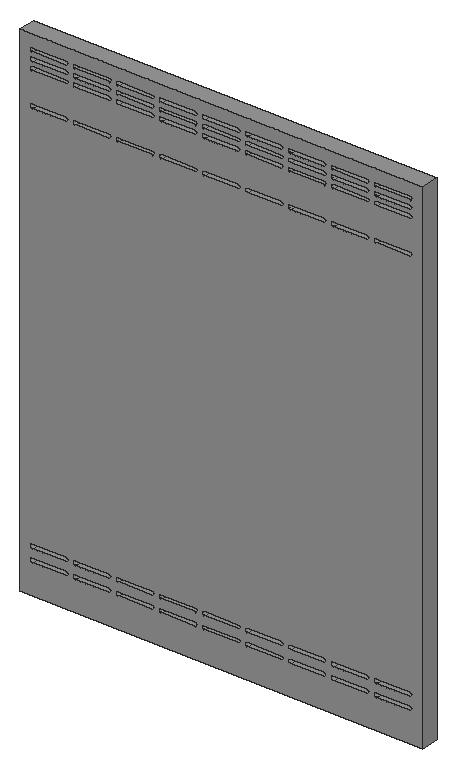
Revit family "Cabinet_Accessories-Danver-Back_Panel", category Casework, Revit 2026
Family settings
  Work Plane-Based = No
  Always vertical = Yes
  Cut with Voids When Loaded = No
  Shared = No
  Room Calculation Point = No
Parameters (values of type "Not A Type - Load Type Catalog")
  Version = "2019 - V1.0B"  # constant formula
  Vent Hole Quantity [instance] = (Vent Area Length / 0' 2 1/2")  # 9
  Vent Group A = if(Constraints = 1, 0' 4", 0' 0")  # 0' - 0"
  Vent Group B = if(Constraints < 3, 0' 4", 0' 0")  # 0' - 0"
  Vent Area Length [instance] = Panel Width - 0' 1 1/2"  # 1' - 10 1/2"
  URL = "www.danver.com"
  Support Phone = "(224) 699-9545"  # constant formula
  Support Email = "mailto:support@bimsmith.com"
  Product Page URL = "https://danver.com/cabinetry/specialty-cabinets/"
  Product Documentation Link = "https://danver.com/wp-content/uploads/2021/10/11-2021-Product_Specifications-1.pdf"
  Model = "Not a Type - Load Type Catalog"
  Manufacturer Email = "https://danver.com/contact-us/"
  Manufacturer Address = "One Grand Street, Wallingford, CT 06492"  # constant formula
  Manufacturer = "Danver Outdoor Kitchens"  # constant formula
  Keynote = "12 35 28"
  Door Material [instance] = Metal - Danver - Galvanized Steel
  Panel Width [instance] = 2' - 0"
  Panel Thickness = 0' - 1"
  Panel Height = 2' - 6"
  Description = "Not a Type - Load Type Catalog"
  Default Elevation = 0' - 0"
  Copyright = "©2021 Danver Outdoor Kitchens"  # constant formula
  Constraints = 3
Reference planes (in)
  plane 1 "Center (Front/Back)": y = 0
  plane 2: z = 0
  plane 3 "Center (Left/Right)": x = 0
  plane 4: x = 12
  plane 5: x = -12
  plane 6: y = -1
  plane 7: z = 4.5
  plane 8: z = 34.5
  plane 9: x = -11.375
  plane 10: x = -9.125
  plane 11: x = -9.25
  plane 12: x = -11.25
  plane 13: x = -9.2623
  plane 14: x = -7.0123
  plane 15: x = -7.1373
  plane 16: x = -9.1373
  plane 17: z = 33.75
  plane 18: x = -11.25
  plane 19: x = 11.25
  plane 20: x = 9.125
  plane 21: x = 11.375
  plane 22: x = 11.25
  plane 23: x = 9.25
  plane 24: x = -8.8125
  plane 25: x = -6.5625
  plane 26: x = -6.6875
  plane 27: x = -8.6875
  plane 28: x = -6.25
  plane 29: x = -4
  plane 30: x = -4.125
  plane 31: x = -6.125
  plane 32: x = -3.6875
  plane 33: x = -1.4375
  plane 34: x = -1.5625
  plane 35: x = -3.5625
  plane 36: x = -11.375
  plane 37: x = -9.125
  plane 38: x = -9.25
  plane 39: x = -11.25
  plane 40: x = 9.125
  plane 41: x = 11.375
  plane 42: x = 11.25
  plane 43: x = 9.25
  plane 44: x = -8.8125
  plane 45: x = -6.5625
  plane 46: x = -6.6875
  plane 47: x = -8.6875
  plane 48: x = -6.25
  plane 49: x = -4
  plane 50: x = -4.125
  plane 51: x = -6.125
  plane 52: x = -3.6875
  plane 53: x = -1.4375
  plane 54: x = -1.5625
  plane 55: x = -3.5625
  plane 56: x = -11.375
  plane 57: x = -9.125
  plane 58: x = -9.25
  plane 59: x = -11.25
  plane 60: x = 9.125
  plane 61: x = 11.375
  plane 62: x = 11.25
  plane 63: x = 9.25
  plane 64: x = -8.8125
  plane 65: x = -6.5625
  plane 66: x = -6.6875
  plane 67: x = -8.6875
  plane 68: x = -6.25
  plane 69: x = -4
  plane 70: x = -4.125
  plane 71: x = -6.125
  plane 72: x = -3.6875
  plane 73: x = -1.4375
  plane 74: x = -1.5625
  plane 75: x = -3.5625
  plane 76: z = 6.25
  plane 77: z = 7
  plane 78: x = -1.125
  plane 79: x = 1.125
  plane 80: x = 1
  plane 81: x = -1
  plane 82: x = 1.4375
  plane 83: x = 3.6875
  plane 84: x = 3.5625
  plane 85: x = 1.5625
  plane 86: x = 4
  plane 87: x = 6.25
  plane 88: x = 6.125
  plane 89: x = 4.125
  plane 90: x = -1.125
  plane 91: x = 1.125
  plane 92: x = 1
  plane 93: x = -1
  plane 94: x = 1.4375
  plane 95: x = 3.6875
  plane 96: x = 3.5625
  plane 97: x = 1.5625
  plane 98: x = 4
  plane 99: x = 6.25
  plane 100: x = 6.125
  plane 101: x = 4.125
  plane 102: x = -1.125
  plane 103: x = 1.125
  plane 104: x = 1
  plane 105: x = -1
  plane 106: x = 1.4375
  plane 107: x = 3.6875
  plane 108: x = 3.5625
  plane 109: x = 1.5625
  plane 110: x = 4
  plane 111: x = 6.25
  plane 112: x = 6.125
  plane 113: x = 4.125
  plane 114: x = 6.5625
  plane 115: x = 8.8125
  plane 116: x = 8.6875
  plane 117: x = 6.6875
  plane 118: x = 6.5625
  plane 119: x = 8.8125
  plane 120: x = 8.6875
  plane 121: x = 6.6875
  plane 122: x = 6.5625
  plane 123: x = 8.8125
  plane 124: x = 8.6875
  plane 125: x = 6.6875
  plane 126: x = -9.2623
  plane 127: x = -7.0123
  plane 128: x = -7.1373
  plane 129: x = -9.1373
  plane 130: x = -11.375
  plane 131: x = -9.125
  plane 132: x = -9.25
  plane 133: x = -11.25
  plane 134: x = -11.375
  plane 135: x = -9.125
  plane 136: x = -9.25
  plane 137: x = -11.25
  plane 138: x = -11.375
  plane 139: x = -9.125
  plane 140: x = -9.25
  plane 141: x = -11.25
  plane 142: y = -2
  plane 143: y = 0
  plane 144: y = -2
  plane 145: y = 0
  plane 146: x = 9.125
  plane 147: x = 11.375
  plane 148: x = 11.25
  plane 149: x = 9.25
  plane 150: x = 9.125
  plane 151: x = 11.375
  plane 152: x = 11.25
  plane 153: x = 9.25
  plane 154: x = 9.125
  plane 155: x = 11.375
  plane 156: x = 11.25
  plane 157: x = 9.25
  plane 158: x = -8.8125
  plane 159: x = -6.5625
  plane 160: x = -6.6875
  plane 161: x = -8.6875
  plane 162: x = -8.8125
  plane 163: x = -6.5625
  plane 164: x = -6.6875
  plane 165: x = -8.6875
  plane 166: x = -8.8125
  plane 167: x = -6.5625
  plane 168: x = -6.6875
  plane 169: x = -8.6875
  plane 170: x = -6.25
  plane 171: x = -4
  plane 172: x = -4.125
  plane 173: x = -6.125
  plane 174: x = -6.25
  plane 175: x = -4
  plane 176: x = -4.125
  plane 177: x = -6.125
  plane 178: x = -6.25
  plane 179: x = -4
  plane 180: x = -4.125
  plane 181: x = -6.125
  plane 182: x = -3.6875
  plane 183: x = -1.4375
  plane 184: x = -1.5625
  plane 185: x = -3.5625
  plane 186: x = -3.6875
  plane 187: x = -1.4375
  plane 188: x = -1.5625
  plane 189: x = -3.5625
  plane 190: x = -3.6875
  plane 191: x = -1.4375
  plane 192: x = -1.5625
  plane 193: x = -3.5625
  plane 194: x = -1.125
  plane 195: x = 1.125
  plane 196: x = 1
  plane 197: x = -1
  plane 198: x = -1.125
  plane 199: x = 1.125
  plane 200: x = 1
  plane 201: x = -1
  plane 202: x = -1.125
  plane 203: x = 1.125
  plane 204: x = 1
  plane 205: x = -1
  plane 206: x = 1.4375
  plane 207: x = 3.6875
  plane 208: x = 3.5625
  plane 209: x = 1.5625
  plane 210: x = 1.4375
  plane 211: x = 3.6875
  plane 212: x = 3.5625
  plane 213: x = 1.5625
  plane 214: x = 1.4375
  plane 215: x = 3.6875
  plane 216: x = 3.5625
  plane 217: x = 1.5625
  plane 218: x = 4
  plane 219: x = 6.25
  plane 220: x = 6.125
  plane 221: x = 4.125
  plane 222: x = 4
  plane 223: x = 6.25
  plane 224: x = 6.125
  plane 225: x = 4.125
  plane 226: x = 4
  plane 227: x = 6.25
  plane 228: x = 6.125
  plane 229: x = 4.125
  plane 230: x = 6.5625
  plane 231: x = 8.8125
  plane 232: x = 8.6875
  plane 233: x = 6.6875
  plane 234: x = 6.5625
  plane 235: x = 8.8125
  plane 236: x = 8.6875
  plane 237: x = 6.6875
  plane 238: x = 6.5625
  plane 239: x = 8.8125
  plane 240: x = 8.6875
  plane 241: x = 6.6875
Forms (in)
  Extrusion 1, void
    sketch origin (-10.9877, -24, 1) x (1, 0, 0) y (0, 0, 1)
      loop
        line (1.7377, 32.75) -> (-0.2623, 32.75)
        arc (-0.2623, 32.75) -> (-0.3873, 32.625) -> (-0.2623, 32.5) r 0.125
        line (-0.2623, 32.5) -> (1.7377, 32.5)
        arc (1.7377, 32.5) -> (1.8627, 32.625) -> (1.7377, 32.75) r 0.125
    from -24 to -22
  Extrusion 2, void, not visible
    sketch origin (-8.875, -27, 0) x (1, 0, 0) y (0, 0, 1)
      loop
        line (1.7377, 32.75) -> (-0.2623, 32.75)
        arc (-0.2623, 32.75) -> (-0.3873, 32.625) -> (-0.2623, 32.5) r 0.125
        line (-0.2623, 32.5) -> (1.7377, 32.5)
        arc (1.7377, 32.5) -> (1.8627, 32.625) -> (1.7377, 32.75) r 0.125
    from -24 to -22
  Extrusion 3, void
    sketch origin (9.5123, -24, 1) x (1, 0, 0) y (0, 0, 1)
      loop
        line (1.7377, 32.75) -> (-0.2623, 32.75)
        arc (-0.2623, 32.75) -> (-0.3873, 32.625) -> (-0.2623, 32.5) r 0.125
        line (-0.2623, 32.5) -> (1.7377, 32.5)
        arc (1.7377, 32.5) -> (1.8627, 32.625) -> (1.7377, 32.75) r 0.125
    from -24 to -22
  Extrusion 4, void
    sketch origin (-8.4252, -24, 1) x (1, 0, 0) y (0, 0, 1)
      loop
        line (1.7377, 32.75) -> (-0.2623, 32.75)
        arc (-0.2623, 32.75) -> (-0.3873, 32.625) -> (-0.2623, 32.5) r 0.125
        line (-0.2623, 32.5) -> (1.7377, 32.5)
        arc (1.7377, 32.5) -> (1.8627, 32.625) -> (1.7377, 32.75) r 0.125
    from -24 to -22
  Extrusion 5, void
    sketch origin (-5.8627, -24, 1) x (1, 0, 0) y (0, 0, 1)
      loop
        line (1.7377, 32.75) -> (-0.2623, 32.75)
        arc (-0.2623, 32.75) -> (-0.3873, 32.625) -> (-0.2623, 32.5) r 0.125
        line (-0.2623, 32.5) -> (1.7377, 32.5)
        arc (1.7377, 32.5) -> (1.8627, 32.625) -> (1.7377, 32.75) r 0.125
    from -24 to -22
  Extrusion 6, void
    sketch origin (-3.3002, -24, 1) x (1, 0, 0) y (0, 0, 1)
      loop
        line (1.7377, 32.75) -> (-0.2623, 32.75)
        arc (-0.2623, 32.75) -> (-0.3873, 32.625) -> (-0.2623, 32.5) r 0.125
        line (-0.2623, 32.5) -> (1.7377, 32.5)
        arc (1.7377, 32.5) -> (1.8627, 32.625) -> (1.7377, 32.75) r 0.125
    from -24 to -22
  Extrusion 7, void
    sketch origin (-10.9877, -24, 0.5) x (1, 0, 0) y (0, 0, 1)
      loop
        line (1.7377, 32.75) -> (-0.2623, 32.75)
        arc (-0.2623, 32.75) -> (-0.3873, 32.625) -> (-0.2623, 32.5) r 0.125
        line (-0.2623, 32.5) -> (1.7377, 32.5)
        arc (1.7377, 32.5) -> (1.8627, 32.625) -> (1.7377, 32.75) r 0.125
    from -24 to -22
  Extrusion 8, void
    sketch origin (9.5123, -24, 0.5) x (1, 0, 0) y (0, 0, 1)
      loop
        line (1.7377, 32.75) -> (-0.2623, 32.75)
        arc (-0.2623, 32.75) -> (-0.3873, 32.625) -> (-0.2623, 32.5) r 0.125
        line (-0.2623, 32.5) -> (1.7377, 32.5)
        arc (1.7377, 32.5) -> (1.8627, 32.625) -> (1.7377, 32.75) r 0.125
    from -24 to -22
  Extrusion 9, void
    sketch origin (-8.4252, -24, 0.5) x (1, 0, 0) y (0, 0, 1)
      loop
        line (1.7377, 32.75) -> (-0.2623, 32.75)
        arc (-0.2623, 32.75) -> (-0.3873, 32.625) -> (-0.2623, 32.5) r 0.125
        line (-0.2623, 32.5) -> (1.7377, 32.5)
        arc (1.7377, 32.5) -> (1.8627, 32.625) -> (1.7377, 32.75) r 0.125
    from -24 to -22
  Extrusion 10, void
    sketch origin (-5.8627, -24, 0.5) x (1, 0, 0) y (0, 0, 1)
      loop
        line (1.7377, 32.75) -> (-0.2623, 32.75)
        arc (-0.2623, 32.75) -> (-0.3873, 32.625) -> (-0.2623, 32.5) r 0.125
        line (-0.2623, 32.5) -> (1.7377, 32.5)
        arc (1.7377, 32.5) -> (1.8627, 32.625) -> (1.7377, 32.75) r 0.125
    from -24 to -22
  Extrusion 11, void
    sketch origin (-3.3002, -24, 0.5) x (1, 0, 0) y (0, 0, 1)
      loop
        line (1.7377, 32.75) -> (-0.2623, 32.75)
        arc (-0.2623, 32.75) -> (-0.3873, 32.625) -> (-0.2623, 32.5) r 0.125
        line (-0.2623, 32.5) -> (1.7377, 32.5)
        arc (1.7377, 32.5) -> (1.8627, 32.625) -> (1.7377, 32.75) r 0.125
    from -24 to -22
  Extrusion 12, void
    sketch origin (-10.9877, -24, 0) x (1, 0, 0) y (0, 0, 1)
      loop
        line (1.7377, 32.75) -> (-0.2623, 32.75)
        arc (-0.2623, 32.75) -> (-0.3873, 32.625) -> (-0.2623, 32.5) r 0.125
        line (-0.2623, 32.5) -> (1.7377, 32.5)
        arc (1.7377, 32.5) -> (1.8627, 32.625) -> (1.7377, 32.75) r 0.125
    from -24 to -22
  Extrusion 13, void
    sketch origin (9.5123, -24, 0) x (1, 0, 0) y (0, 0, 1)
      loop
        line (1.7377, 32.75) -> (-0.2623, 32.75)
        arc (-0.2623, 32.75) -> (-0.3873, 32.625) -> (-0.2623, 32.5) r 0.125
        line (-0.2623, 32.5) -> (1.7377, 32.5)
        arc (1.7377, 32.5) -> (1.8627, 32.625) -> (1.7377, 32.75) r 0.125
    from -24 to -22
  Extrusion 14, void
    sketch origin (-8.4252, -24, 0) x (1, 0, 0) y (0, 0, 1)
      loop
        line (1.7377, 32.75) -> (-0.2623, 32.75)
        arc (-0.2623, 32.75) -> (-0.3873, 32.625) -> (-0.2623, 32.5) r 0.125
        line (-0.2623, 32.5) -> (1.7377, 32.5)
        arc (1.7377, 32.5) -> (1.8627, 32.625) -> (1.7377, 32.75) r 0.125
    from -24 to -22
  Extrusion 15, void
    sketch origin (-5.8627, -24, 0) x (1, 0, 0) y (0, 0, 1)
      loop
        line (1.7377, 32.75) -> (-0.2623, 32.75)
        arc (-0.2623, 32.75) -> (-0.3873, 32.625) -> (-0.2623, 32.5) r 0.125
        line (-0.2623, 32.5) -> (1.7377, 32.5)
        arc (1.7377, 32.5) -> (1.8627, 32.625) -> (1.7377, 32.75) r 0.125
    from -24 to -22
  Extrusion 16, void
    sketch origin (-3.3002, -24, 0) x (1, 0, 0) y (0, 0, 1)
      loop
        line (1.7377, 32.75) -> (-0.2623, 32.75)
        arc (-0.2623, 32.75) -> (-0.3873, 32.625) -> (-0.2623, 32.5) r 0.125
        line (-0.2623, 32.5) -> (1.7377, 32.5)
        arc (1.7377, 32.5) -> (1.8627, 32.625) -> (1.7377, 32.75) r 0.125
    from -24 to -22
  Extrusion 17, void
    sketch origin (-0.7377, -24, 1) x (1, 0, 0) y (0, 0, 1)
      loop
        line (1.7377, 32.75) -> (-0.2623, 32.75)
        arc (-0.2623, 32.75) -> (-0.3873, 32.625) -> (-0.2623, 32.5) r 0.125
        line (-0.2623, 32.5) -> (1.7377, 32.5)
        arc (1.7377, 32.5) -> (1.8627, 32.625) -> (1.7377, 32.75) r 0.125
    from -24 to -22
  Extrusion 18, void
    sketch origin (1.8248, -24, 1) x (1, 0, 0) y (0, 0, 1)
      loop
        line (1.7377, 32.75) -> (-0.2623, 32.75)
        arc (-0.2623, 32.75) -> (-0.3873, 32.625) -> (-0.2623, 32.5) r 0.125
        line (-0.2623, 32.5) -> (1.7377, 32.5)
        arc (1.7377, 32.5) -> (1.8627, 32.625) -> (1.7377, 32.75) r 0.125
    from -24 to -22
  Extrusion 19, void
    sketch origin (4.3873, -24, 1) x (1, 0, 0) y (0, 0, 1)
      loop
        line (1.7377, 32.75) -> (-0.2623, 32.75)
        arc (-0.2623, 32.75) -> (-0.3873, 32.625) -> (-0.2623, 32.5) r 0.125
        line (-0.2623, 32.5) -> (1.7377, 32.5)
        arc (1.7377, 32.5) -> (1.8627, 32.625) -> (1.7377, 32.75) r 0.125
    from -24 to -22
  Extrusion 20, void
    sketch origin (-0.7377, -24, 0.5) x (1, 0, 0) y (0, 0, 1)
      loop
        line (1.7377, 32.75) -> (-0.2623, 32.75)
        arc (-0.2623, 32.75) -> (-0.3873, 32.625) -> (-0.2623, 32.5) r 0.125
        line (-0.2623, 32.5) -> (1.7377, 32.5)
        arc (1.7377, 32.5) -> (1.8627, 32.625) -> (1.7377, 32.75) r 0.125
    from -24 to -22
  Extrusion 21, void
    sketch origin (1.8248, -24, 0.5) x (1, 0, 0) y (0, 0, 1)
      loop
        line (1.7377, 32.75) -> (-0.2623, 32.75)
        arc (-0.2623, 32.75) -> (-0.3873, 32.625) -> (-0.2623, 32.5) r 0.125
        line (-0.2623, 32.5) -> (1.7377, 32.5)
        arc (1.7377, 32.5) -> (1.8627, 32.625) -> (1.7377, 32.75) r 0.125
    from -24 to -22
  Extrusion 22, void
    sketch origin (4.3873, -24, 0.5) x (1, 0, 0) y (0, 0, 1)
      loop
        line (1.7377, 32.75) -> (-0.2623, 32.75)
        arc (-0.2623, 32.75) -> (-0.3873, 32.625) -> (-0.2623, 32.5) r 0.125
        line (-0.2623, 32.5) -> (1.7377, 32.5)
        arc (1.7377, 32.5) -> (1.8627, 32.625) -> (1.7377, 32.75) r 0.125
    from -24 to -22
  Extrusion 23, void
    sketch origin (-0.7377, -24, 0) x (1, 0, 0) y (0, 0, 1)
      loop
        line (1.7377, 32.75) -> (-0.2623, 32.75)
        arc (-0.2623, 32.75) -> (-0.3873, 32.625) -> (-0.2623, 32.5) r 0.125
        line (-0.2623, 32.5) -> (1.7377, 32.5)
        arc (1.7377, 32.5) -> (1.8627, 32.625) -> (1.7377, 32.75) r 0.125
    from -24 to -22
  Extrusion 24, void
    sketch origin (1.8248, -24, 0) x (1, 0, 0) y (0, 0, 1)
      loop
        line (1.7377, 32.75) -> (-0.2623, 32.75)
        arc (-0.2623, 32.75) -> (-0.3873, 32.625) -> (-0.2623, 32.5) r 0.125
        line (-0.2623, 32.5) -> (1.7377, 32.5)
        arc (1.7377, 32.5) -> (1.8627, 32.625) -> (1.7377, 32.75) r 0.125
    from -24 to -22
  Extrusion 25, void
    sketch origin (4.3873, -24, 0) x (1, 0, 0) y (0, 0, 1)
      loop
        line (1.7377, 32.75) -> (-0.2623, 32.75)
        arc (-0.2623, 32.75) -> (-0.3873, 32.625) -> (-0.2623, 32.5) r 0.125
        line (-0.2623, 32.5) -> (1.7377, 32.5)
        arc (1.7377, 32.5) -> (1.8627, 32.625) -> (1.7377, 32.75) r 0.125
    from -24 to -22
  Extrusion 26, void
    sketch origin (6.9498, -24, 1) x (1, 0, 0) y (0, 0, 1)
      loop
        line (1.7377, 32.75) -> (-0.2623, 32.75)
        arc (-0.2623, 32.75) -> (-0.3873, 32.625) -> (-0.2623, 32.5) r 0.125
        line (-0.2623, 32.5) -> (1.7377, 32.5)
        arc (1.7377, 32.5) -> (1.8627, 32.625) -> (1.7377, 32.75) r 0.125
    from -24 to -22
  Extrusion 27, void
    sketch origin (6.9498, -24, 0.5) x (1, 0, 0) y (0, 0, 1)
      loop
        line (1.7377, 32.75) -> (-0.2623, 32.75)
        arc (-0.2623, 32.75) -> (-0.3873, 32.625) -> (-0.2623, 32.5) r 0.125
        line (-0.2623, 32.5) -> (1.7377, 32.5)
        arc (1.7377, 32.5) -> (1.8627, 32.625) -> (1.7377, 32.75) r 0.125
    from -24 to -22
  Extrusion 28, void
    sketch origin (6.9498, -24, 0) x (1, 0, 0) y (0, 0, 1)
      loop
        line (1.7377, 32.75) -> (-0.2623, 32.75)
        arc (-0.2623, 32.75) -> (-0.3873, 32.625) -> (-0.2623, 32.5) r 0.125
        line (-0.2623, 32.5) -> (1.7377, 32.5)
        arc (1.7377, 32.5) -> (1.8627, 32.625) -> (1.7377, 32.75) r 0.125
    from -24 to -22
  Extrusion 29, void, not visible
    sketch origin (-8.875, -27, 0) x (1, 0, 0) y (0, 0, 1)
      loop
        line (1.7377, 32.75) -> (-0.2623, 32.75)
        arc (-0.2623, 32.75) -> (-0.3873, 32.625) -> (-0.2623, 32.5) r 0.125
        line (-0.2623, 32.5) -> (1.7377, 32.5)
        arc (1.7377, 32.5) -> (1.8627, 32.625) -> (1.7377, 32.75) r 0.125
    from -27 to -26
  Extrusion 30, void
    sketch origin (-10.9877, -23, -2) x (1, 0, 0) y (0, 0, 1)
      loop
        line (1.7377, 32.75) -> (-0.2623, 32.75)
        arc (-0.2623, 32.75) -> (-0.3873, 32.625) -> (-0.2623, 32.5) r 0.125
        line (-0.2623, 32.5) -> (1.7377, 32.5)
        arc (1.7377, 32.5) -> (1.8627, 32.625) -> (1.7377, 32.75) r 0.125
    from -23 to -21
  Extrusion 31, void
    sketch origin (-10.9877, -23, -25.5) x (1, 0, 0) y (0, 0, 1)
      loop
        line (1.7377, 32.75) -> (-0.2623, 32.75)
        arc (-0.2623, 32.75) -> (-0.3873, 32.625) -> (-0.2623, 32.5) r 0.125
        line (-0.2623, 32.5) -> (1.7377, 32.5)
        arc (1.7377, 32.5) -> (1.8627, 32.625) -> (1.7377, 32.75) r 0.125
    from -23 to -21
  Extrusion 32, void
    sketch origin (-10.9877, -23, -26.25) x (1, 0, 0) y (0, 0, 1)
      loop
        line (1.7377, 32.75) -> (-0.2623, 32.75)
        arc (-0.2623, 32.75) -> (-0.3873, 32.625) -> (-0.2623, 32.5) r 0.125
        line (-0.2623, 32.5) -> (1.7377, 32.5)
        arc (1.7377, 32.5) -> (1.8627, 32.625) -> (1.7377, 32.75) r 0.125
    from -23 to -21
  Extrusion 33, void
    sketch origin (9.5123, -23, -2) x (1, 0, 0) y (0, 0, 1)
      loop
        line (1.7377, 32.75) -> (-0.2623, 32.75)
        arc (-0.2623, 32.75) -> (-0.3873, 32.625) -> (-0.2623, 32.5) r 0.125
        line (-0.2623, 32.5) -> (1.7377, 32.5)
        arc (1.7377, 32.5) -> (1.8627, 32.625) -> (1.7377, 32.75) r 0.125
    from -23 to -21
  Extrusion 34, void
    sketch origin (9.5123, -23, -25.5) x (1, 0, 0) y (0, 0, 1)
      loop
        line (1.7377, 32.75) -> (-0.2623, 32.75)
        arc (-0.2623, 32.75) -> (-0.3873, 32.625) -> (-0.2623, 32.5) r 0.125
        line (-0.2623, 32.5) -> (1.7377, 32.5)
        arc (1.7377, 32.5) -> (1.8627, 32.625) -> (1.7377, 32.75) r 0.125
    from -23 to -21
  Extrusion 35, void
    sketch origin (9.5123, -23, -26.25) x (1, 0, 0) y (0, 0, 1)
      loop
        line (1.7377, 32.75) -> (-0.2623, 32.75)
        arc (-0.2623, 32.75) -> (-0.3873, 32.625) -> (-0.2623, 32.5) r 0.125
        line (-0.2623, 32.5) -> (1.7377, 32.5)
        arc (1.7377, 32.5) -> (1.8627, 32.625) -> (1.7377, 32.75) r 0.125
    from -23 to -21
  Extrusion 36, void
    sketch origin (-8.4252, -23, -2) x (1, 0, 0) y (0, 0, 1)
      loop
        line (1.7377, 32.75) -> (-0.2623, 32.75)
        arc (-0.2623, 32.75) -> (-0.3873, 32.625) -> (-0.2623, 32.5) r 0.125
        line (-0.2623, 32.5) -> (1.7377, 32.5)
        arc (1.7377, 32.5) -> (1.8627, 32.625) -> (1.7377, 32.75) r 0.125
    from -23 to -21
  Extrusion 37, void
    sketch origin (-8.4252, -23, -25.5) x (1, 0, 0) y (0, 0, 1)
      loop
        line (1.7377, 32.75) -> (-0.2623, 32.75)
        arc (-0.2623, 32.75) -> (-0.3873, 32.625) -> (-0.2623, 32.5) r 0.125
        line (-0.2623, 32.5) -> (1.7377, 32.5)
        arc (1.7377, 32.5) -> (1.8627, 32.625) -> (1.7377, 32.75) r 0.125
    from -23 to -21
  Extrusion 38, void
    sketch origin (-8.4252, -23, -26.25) x (1, 0, 0) y (0, 0, 1)
      loop
        line (1.7377, 32.75) -> (-0.2623, 32.75)
        arc (-0.2623, 32.75) -> (-0.3873, 32.625) -> (-0.2623, 32.5) r 0.125
        line (-0.2623, 32.5) -> (1.7377, 32.5)
        arc (1.7377, 32.5) -> (1.8627, 32.625) -> (1.7377, 32.75) r 0.125
    from -23 to -21
  Extrusion 39, void
    sketch origin (-5.8627, -23, -2) x (1, 0, 0) y (0, 0, 1)
      loop
        line (1.7377, 32.75) -> (-0.2623, 32.75)
        arc (-0.2623, 32.75) -> (-0.3873, 32.625) -> (-0.2623, 32.5) r 0.125
        line (-0.2623, 32.5) -> (1.7377, 32.5)
        arc (1.7377, 32.5) -> (1.8627, 32.625) -> (1.7377, 32.75) r 0.125
    from -23 to -21
  Extrusion 40, void
    sketch origin (-5.8627, -23, -25.5) x (1, 0, 0) y (0, 0, 1)
      loop
        line (1.7377, 32.75) -> (-0.2623, 32.75)
        arc (-0.2623, 32.75) -> (-0.3873, 32.625) -> (-0.2623, 32.5) r 0.125
        line (-0.2623, 32.5) -> (1.7377, 32.5)
        arc (1.7377, 32.5) -> (1.8627, 32.625) -> (1.7377, 32.75) r 0.125
    from -23 to -21
  Extrusion 41, void
    sketch origin (-5.8627, -23, -26.25) x (1, 0, 0) y (0, 0, 1)
      loop
        line (1.7377, 32.75) -> (-0.2623, 32.75)
        arc (-0.2623, 32.75) -> (-0.3873, 32.625) -> (-0.2623, 32.5) r 0.125
        line (-0.2623, 32.5) -> (1.7377, 32.5)
        arc (1.7377, 32.5) -> (1.8627, 32.625) -> (1.7377, 32.75) r 0.125
    from -23 to -21
  Extrusion 42, void
    sketch origin (-3.3002, -23, -2) x (1, 0, 0) y (0, 0, 1)
      loop
        line (1.7377, 32.75) -> (-0.2623, 32.75)
        arc (-0.2623, 32.75) -> (-0.3873, 32.625) -> (-0.2623, 32.5) r 0.125
        line (-0.2623, 32.5) -> (1.7377, 32.5)
        arc (1.7377, 32.5) -> (1.8627, 32.625) -> (1.7377, 32.75) r 0.125
    from -23 to -21
  Extrusion 43, void
    sketch origin (-3.3002, -23, -25.5) x (1, 0, 0) y (0, 0, 1)
      loop
        line (1.7377, 32.75) -> (-0.2623, 32.75)
        arc (-0.2623, 32.75) -> (-0.3873, 32.625) -> (-0.2623, 32.5) r 0.125
        line (-0.2623, 32.5) -> (1.7377, 32.5)
        arc (1.7377, 32.5) -> (1.8627, 32.625) -> (1.7377, 32.75) r 0.125
    from -23 to -21
  Extrusion 44, void
    sketch origin (-3.3002, -23, -26.25) x (1, 0, 0) y (0, 0, 1)
      loop
        line (1.7377, 32.75) -> (-0.2623, 32.75)
        arc (-0.2623, 32.75) -> (-0.3873, 32.625) -> (-0.2623, 32.5) r 0.125
        line (-0.2623, 32.5) -> (1.7377, 32.5)
        arc (1.7377, 32.5) -> (1.8627, 32.625) -> (1.7377, 32.75) r 0.125
    from -23 to -21
  Extrusion 45, void
    sketch origin (-0.7377, -23, -2) x (1, 0, 0) y (0, 0, 1)
      loop
        line (1.7377, 32.75) -> (-0.2623, 32.75)
        arc (-0.2623, 32.75) -> (-0.3873, 32.625) -> (-0.2623, 32.5) r 0.125
        line (-0.2623, 32.5) -> (1.7377, 32.5)
        arc (1.7377, 32.5) -> (1.8627, 32.625) -> (1.7377, 32.75) r 0.125
    from -23 to -21
  Extrusion 46, void
    sketch origin (-0.7377, -23, -25.5) x (1, 0, 0) y (0, 0, 1)
      loop
        line (1.7377, 32.75) -> (-0.2623, 32.75)
        arc (-0.2623, 32.75) -> (-0.3873, 32.625) -> (-0.2623, 32.5) r 0.125
        line (-0.2623, 32.5) -> (1.7377, 32.5)
        arc (1.7377, 32.5) -> (1.8627, 32.625) -> (1.7377, 32.75) r 0.125
    from -23 to -21
  Extrusion 47, void
    sketch origin (-0.7377, -23, -26.25) x (1, 0, 0) y (0, 0, 1)
      loop
        line (1.7377, 32.75) -> (-0.2623, 32.75)
        arc (-0.2623, 32.75) -> (-0.3873, 32.625) -> (-0.2623, 32.5) r 0.125
        line (-0.2623, 32.5) -> (1.7377, 32.5)
        arc (1.7377, 32.5) -> (1.8627, 32.625) -> (1.7377, 32.75) r 0.125
    from -23 to -21
  Extrusion 48, void
    sketch origin (1.8248, -23, -2) x (1, 0, 0) y (0, 0, 1)
      loop
        line (1.7377, 32.75) -> (-0.2623, 32.75)
        arc (-0.2623, 32.75) -> (-0.3873, 32.625) -> (-0.2623, 32.5) r 0.125
        line (-0.2623, 32.5) -> (1.7377, 32.5)
        arc (1.7377, 32.5) -> (1.8627, 32.625) -> (1.7377, 32.75) r 0.125
    from -23 to -21
  Extrusion 49, void
    sketch origin (1.8248, -23, -25.5) x (1, 0, 0) y (0, 0, 1)
      loop
        line (1.7377, 32.75) -> (-0.2623, 32.75)
        arc (-0.2623, 32.75) -> (-0.3873, 32.625) -> (-0.2623, 32.5) r 0.125
        line (-0.2623, 32.5) -> (1.7377, 32.5)
        arc (1.7377, 32.5) -> (1.8627, 32.625) -> (1.7377, 32.75) r 0.125
    from -23 to -21
  Extrusion 50, void
    sketch origin (1.8248, -23, -26.25) x (1, 0, 0) y (0, 0, 1)
      loop
        line (1.7377, 32.75) -> (-0.2623, 32.75)
        arc (-0.2623, 32.75) -> (-0.3873, 32.625) -> (-0.2623, 32.5) r 0.125
        line (-0.2623, 32.5) -> (1.7377, 32.5)
        arc (1.7377, 32.5) -> (1.8627, 32.625) -> (1.7377, 32.75) r 0.125
    from -23 to -21
  Extrusion 51, void
    sketch origin (4.3873, -23, -2) x (1, 0, 0) y (0, 0, 1)
      loop
        line (1.7377, 32.75) -> (-0.2623, 32.75)
        arc (-0.2623, 32.75) -> (-0.3873, 32.625) -> (-0.2623, 32.5) r 0.125
        line (-0.2623, 32.5) -> (1.7377, 32.5)
        arc (1.7377, 32.5) -> (1.8627, 32.625) -> (1.7377, 32.75) r 0.125
    from -23 to -21
  Extrusion 52, void
    sketch origin (4.3873, -23, -25.5) x (1, 0, 0) y (0, 0, 1)
      loop
        line (1.7377, 32.75) -> (-0.2623, 32.75)
        arc (-0.2623, 32.75) -> (-0.3873, 32.625) -> (-0.2623, 32.5) r 0.125
        line (-0.2623, 32.5) -> (1.7377, 32.5)
        arc (1.7377, 32.5) -> (1.8627, 32.625) -> (1.7377, 32.75) r 0.125
    from -23 to -21
  Extrusion 53, void
    sketch origin (4.3873, -23, -26.25) x (1, 0, 0) y (0, 0, 1)
      loop
        line (1.7377, 32.75) -> (-0.2623, 32.75)
        arc (-0.2623, 32.75) -> (-0.3873, 32.625) -> (-0.2623, 32.5) r 0.125
        line (-0.2623, 32.5) -> (1.7377, 32.5)
        arc (1.7377, 32.5) -> (1.8627, 32.625) -> (1.7377, 32.75) r 0.125
    from -23 to -21
  Extrusion 54, void
    sketch origin (6.9498, -23, -2) x (1, 0, 0) y (0, 0, 1)
      loop
        line (1.7377, 32.75) -> (-0.2623, 32.75)
        arc (-0.2623, 32.75) -> (-0.3873, 32.625) -> (-0.2623, 32.5) r 0.125
        line (-0.2623, 32.5) -> (1.7377, 32.5)
        arc (1.7377, 32.5) -> (1.8627, 32.625) -> (1.7377, 32.75) r 0.125
    from -23 to -21
  Extrusion 55, void
    sketch origin (6.9498, -23, -25.5) x (1, 0, 0) y (0, 0, 1)
      loop
        line (1.7377, 32.75) -> (-0.2623, 32.75)
        arc (-0.2623, 32.75) -> (-0.3873, 32.625) -> (-0.2623, 32.5) r 0.125
        line (-0.2623, 32.5) -> (1.7377, 32.5)
        arc (1.7377, 32.5) -> (1.8627, 32.625) -> (1.7377, 32.75) r 0.125
    from -23 to -21
  Extrusion 56, void
    sketch origin (6.9498, -23, -26.25) x (1, 0, 0) y (0, 0, 1)
      loop
        line (1.7377, 32.75) -> (-0.2623, 32.75)
        arc (-0.2623, 32.75) -> (-0.3873, 32.625) -> (-0.2623, 32.5) r 0.125
        line (-0.2623, 32.5) -> (1.7377, 32.5)
        arc (1.7377, 32.5) -> (1.8627, 32.625) -> (1.7377, 32.75) r 0.125
    from -23 to -21
  Extrusion 57, solid, material "Metal - Danver - Galvanized Steel" <- "Door Material"
    sketch origin (0, 0, 0) x (1, 0, 0) y (0, 0, 1)
      loop
        line (-12, 34.5) -> (-12, 4.5) -> (12, 4.5) -> (12, 34.5) -> (-12, 34.5)
    from 0 to 1
Cuts and joins
  Extrusion 1, Extrusion 3, Extrusion 4, Extrusion 5, Extrusion 6, Extrusion 7, Extrusion 8, Extrusion 9, Extrusion 10, Extrusion 11, Extrusion 12, Extrusion 13, Extrusion 14, Extrusion 15, Extrusion 16, Extrusion 17, Extrusion 18, Extrusion 19, Extrusion 20, Extrusion 21, Extrusion 22, Extrusion 23, Extrusion 24, Extrusion 25, Extrusion 26, Extrusion 27, Extrusion 28, Extrusion 30, Extrusion 31, Extrusion 32, Extrusion 33, Extrusion 34, Extrusion 35, Extrusion 36, Extrusion 37, Extrusion 38, Extrusion 39, Extrusion 40, Extrusion 41, Extrusion 42, Extrusion 43, Extrusion 44, Extrusion 45, Extrusion 46, Extrusion 47, Extrusion 48, Extrusion 49, Extrusion 50, Extrusion 51, Extrusion 52, Extrusion 53, Extrusion 54, Extrusion 55, Extrusion 56 cuts Extrusion 57
Dimensions and locks (in)
  locked: plane 6 to plane 1 "Center (Front/Back)" at 1
  equal spacing: plane 5, plane 3 "Center (Left/Right)", plane 4
  "Panel Height": plane 8 to plane 7
  locked: plane 7 to level at 4.5
  "Panel Width": plane 5 to plane 4
  locked: plane 10 to plane 9 at 2.25
  locked: Extrusion 1 sketch curve to Extrusion 1 sketch curve at 0.25
  locked: plane 14 to plane 13 at 2.25
  locked: Extrusion 2 sketch curve to Extrusion 2 sketch curve at 0.25
  plane 8 to plane 17 = 0' - 0 3/4"
  equal spacing: plane 19, plane 3 "Center (Left/Right)", plane 18
  "Vent Area Length": plane 19 to plane 18
  locked: plane 21 to plane 20 at 2.25
  locked: Extrusion 3 sketch curve to Extrusion 3 sketch curve at 0.25
  equal spacing: group 1, group 4, group 5, group 6, group 17, group 18, group 19, group 26, group 3  (x3)
  locked: plane 25 to plane 24 at 2.25
  locked: Extrusion 4 sketch curve to Extrusion 4 sketch curve at 0.25
  locked: plane 29 to plane 28 at 2.25
  locked: Extrusion 5 sketch curve to Extrusion 5 sketch curve at 0.25
  locked: plane 33 to plane 32 at 2.25
  locked: Extrusion 6 sketch curve to Extrusion 6 sketch curve at 0.25
  locked: plane 37 to plane 36 at 2.25
  locked: Extrusion 7 sketch curve to Extrusion 7 sketch curve at 0.25
  locked: plane 41 to plane 40 at 2.25
  locked: Extrusion 8 sketch curve to Extrusion 8 sketch curve at 0.25
  equal spacing: group 7, group 9, group 10, group 11, group 20, group 21, group 22, group 27, group 8  (x3)
  locked: plane 45 to plane 44 at 2.25
  locked: Extrusion 9 sketch curve to Extrusion 9 sketch curve at 0.25
  locked: plane 49 to plane 48 at 2.25
  locked: Extrusion 10 sketch curve to Extrusion 10 sketch curve at 0.25
  locked: plane 53 to plane 52 at 2.25
  locked: Extrusion 11 sketch curve to Extrusion 11 sketch curve at 0.25
  locked: plane 57 to plane 56 at 2.25
  locked: Extrusion 12 sketch curve to Extrusion 12 sketch curve at 0.25
  locked: plane 61 to plane 60 at 2.25
  locked: Extrusion 13 sketch curve to Extrusion 13 sketch curve at 0.25
  equal spacing: group 12, group 14, group 15, group 16, group 23, group 24, group 25, group 28, group 13  (x3)
  locked: plane 65 to plane 64 at 2.25
  locked: Extrusion 14 sketch curve to Extrusion 14 sketch curve at 0.25
  locked: plane 69 to plane 68 at 2.25
  locked: Extrusion 15 sketch curve to Extrusion 15 sketch curve at 0.25
  locked: plane 73 to plane 72 at 2.25
  locked: Extrusion 16 sketch curve to Extrusion 16 sketch curve at 0.25
  locked: plane 79 to plane 78 at 2.25
  locked: Extrusion 17 sketch curve to Extrusion 17 sketch curve at 0.25
  locked: plane 83 to plane 82 at 2.25
  locked: Extrusion 18 sketch curve to Extrusion 18 sketch curve at 0.25
  locked: plane 87 to plane 86 at 2.25
  locked: Extrusion 19 sketch curve to Extrusion 19 sketch curve at 0.25
  locked: plane 91 to plane 90 at 2.25
  locked: Extrusion 20 sketch curve to Extrusion 20 sketch curve at 0.25
  locked: plane 95 to plane 94 at 2.25
  locked: Extrusion 21 sketch curve to Extrusion 21 sketch curve at 0.25
  locked: plane 99 to plane 98 at 2.25
  locked: Extrusion 22 sketch curve to Extrusion 22 sketch curve at 0.25
  locked: plane 103 to plane 102 at 2.25
  locked: Extrusion 23 sketch curve to Extrusion 23 sketch curve at 0.25
  locked: plane 107 to plane 106 at 2.25
  locked: Extrusion 24 sketch curve to Extrusion 24 sketch curve at 0.25
  locked: plane 111 to plane 110 at 2.25
  locked: Extrusion 25 sketch curve to Extrusion 25 sketch curve at 0.25
  locked: plane 115 to plane 114 at 2.25
  locked: Extrusion 26 sketch curve to Extrusion 26 sketch curve at 0.25
  locked: plane 119 to plane 118 at 2.25
  locked: Extrusion 27 sketch curve to Extrusion 27 sketch curve at 0.25
  locked: plane 123 to plane 122 at 2.25
  locked: Extrusion 28 sketch curve to Extrusion 28 sketch curve at 0.25
  locked: plane 127 to plane 126 at 2.25
  locked: Extrusion 29 sketch curve to Extrusion 29 sketch curve at 0.25
  locked: plane 131 to plane 130 at 2.25
  locked: Extrusion 30 sketch curve to Extrusion 30 sketch curve at 0.25
  locked: plane 135 to plane 134 at 2.25
  locked: Extrusion 31 sketch curve to Extrusion 31 sketch curve at 0.25
  locked: plane 139 to plane 138 at 2.25
  locked: Extrusion 32 sketch curve to Extrusion 32 sketch curve at 0.25
  "Vent Group A": plane 143 to plane 1 "Center (Front/Back)"
  locked: plane 143 to plane 142 at 2
  locked: plane 145 to plane 144 at 2
  "Vent Group B": plane 145 to plane 1 "Center (Front/Back)"
  locked: plane 147 to plane 146 at 2.25
  locked: Extrusion 33 sketch curve to Extrusion 33 sketch curve at 0.25
  locked: plane 151 to plane 150 at 2.25
  locked: Extrusion 34 sketch curve to Extrusion 34 sketch curve at 0.25
  locked: plane 155 to plane 154 at 2.25
  locked: Extrusion 35 sketch curve to Extrusion 35 sketch curve at 0.25
  equal spacing: group 30, group 32, group 33, group 34, group 35, group 36, group 37, group 38, group 31  (x3)
  locked: plane 159 to plane 158 at 2.25
  locked: Extrusion 36 sketch curve to Extrusion 36 sketch curve at 0.25
  locked: plane 163 to plane 162 at 2.25
  locked: Extrusion 37 sketch curve to Extrusion 37 sketch curve at 0.25
  locked: plane 167 to plane 166 at 2.25
  locked: Extrusion 38 sketch curve to Extrusion 38 sketch curve at 0.25
  locked: plane 171 to plane 170 at 2.25
  locked: Extrusion 39 sketch curve to Extrusion 39 sketch curve at 0.25
  locked: plane 175 to plane 174 at 2.25
  locked: Extrusion 40 sketch curve to Extrusion 40 sketch curve at 0.25
  locked: plane 179 to plane 178 at 2.25
  locked: Extrusion 41 sketch curve to Extrusion 41 sketch curve at 0.25
  locked: plane 183 to plane 182 at 2.25
  locked: Extrusion 42 sketch curve to Extrusion 42 sketch curve at 0.25
  locked: plane 187 to plane 186 at 2.25
  locked: Extrusion 43 sketch curve to Extrusion 43 sketch curve at 0.25
  locked: plane 191 to plane 190 at 2.25
  locked: Extrusion 44 sketch curve to Extrusion 44 sketch curve at 0.25
  locked: plane 195 to plane 194 at 2.25
  locked: Extrusion 45 sketch curve to Extrusion 45 sketch curve at 0.25
  locked: plane 199 to plane 198 at 2.25
  locked: Extrusion 46 sketch curve to Extrusion 46 sketch curve at 0.25
  locked: plane 203 to plane 202 at 2.25
  locked: Extrusion 47 sketch curve to Extrusion 47 sketch curve at 0.25
  locked: plane 207 to plane 206 at 2.25
  locked: Extrusion 48 sketch curve to Extrusion 48 sketch curve at 0.25
  locked: plane 211 to plane 210 at 2.25
  locked: Extrusion 49 sketch curve to Extrusion 49 sketch curve at 0.25
  locked: plane 215 to plane 214 at 2.25
  locked: Extrusion 50 sketch curve to Extrusion 50 sketch curve at 0.25
  locked: plane 219 to plane 218 at 2.25
  locked: Extrusion 51 sketch curve to Extrusion 51 sketch curve at 0.25
  locked: plane 223 to plane 222 at 2.25
  locked: Extrusion 52 sketch curve to Extrusion 52 sketch curve at 0.25
  locked: plane 227 to plane 226 at 2.25
  locked: Extrusion 53 sketch curve to Extrusion 53 sketch curve at 0.25
  locked: plane 231 to plane 230 at 2.25
  locked: Extrusion 54 sketch curve to Extrusion 54 sketch curve at 0.25
  locked: plane 235 to plane 234 at 2.25
  locked: Extrusion 55 sketch curve to Extrusion 55 sketch curve at 0.25
  locked: plane 239 to plane 238 at 2.25
  locked: Extrusion 56 sketch curve to Extrusion 56 sketch curve at 0.25
  aligned and locked: plane 2 to level
  aligned and locked: plane 18 to plane 12
  aligned and locked: plane 19 to plane 22
  aligned and locked: plane 18 to plane 39
  aligned and locked: plane 19 to plane 42
  aligned and locked: plane 18 to plane 59
  aligned and locked: plane 19 to plane 62
  aligned and locked: Extrusion 3 to plane 142
  aligned and locked: Extrusion 1 to plane 142
  aligned and locked: Extrusion 8 to plane 142
  aligned and locked: Extrusion 7 to plane 142
  aligned and locked: Extrusion 13 to plane 142
  aligned and locked: Extrusion 12 to plane 142
  aligned and locked: plane 19 to plane 148
  aligned and locked: Extrusion 30 to plane 144
  aligned and locked: plane 145 to Extrusion 30
  aligned and locked: Extrusion 31 to plane 144
  aligned and locked: plane 145 to Extrusion 31
  aligned and locked: Extrusion 32 to plane 144
  aligned and locked: plane 145 to Extrusion 32
  aligned and locked: plane 145 to Extrusion 33
  aligned and locked: Extrusion 33 to plane 144
  aligned and locked: Extrusion 57 sketch curve to plane 4
  aligned and locked: Extrusion 57 sketch curve to plane 8
  aligned and locked: Extrusion 57 sketch curve to plane 5
  aligned and locked: plane 7 to Extrusion 57 sketch curve
  aligned and locked: plane 18 to plane 133
  aligned and locked: cut or joined group 1 (Extrusion 1, Extrusion 3, Extrusion 4, Extrusion 5, Extrusion 6, Extrusion 7, Extrusion 8, Extrusion 9, Extrusion 10, Extrusion 11, Extrusion 12, Extrusion 13, Extrusion 14, Extrusion 15, Extrusion 16, Extrusion 17, Extrusion 18, Extrusion 19, Extrusion 20, Extrusion 21, Extrusion 22, Extrusion 23, Extrusion 24, Extrusion 25, Extrusion 26, Extrusion 27, Extrusion 28, Extrusion 30, Extrusion 31, Extrusion 32, Extrusion 33, Extrusion 34, Extrusion 35, Extrusion 36, Extrusion 37, Extrusion 38, Extrusion 39, Extrusion 40, Extrusion 41, Extrusion 42, Extrusion 43, Extrusion 44, Extrusion 45, Extrusion 46, Extrusion 47, Extrusion 48, Extrusion 49, Extrusion 50, Extrusion 51, Extrusion 52, Extrusion 53, Extrusion 54, Extrusion 55, Extrusion 56, Extrusion 57) to plane 6
  aligned and locked: cut or joined group 1 to plane 1 "Center (Front/Back)"
Automatic sketch dimensions
  plane 9 to Extrusion 1 sketch curve = 0' - 0 1/8"
  Extrusion 1 sketch curve to plane 10 = 0' - 0 1/8"
  plane 13 to Extrusion 2 sketch curve = 0' - 0 1/8"
  Extrusion 2 sketch curve to plane 14 = 0' - 0 1/8"
  plane 20 to Extrusion 3 sketch curve = 0' - 0 1/8"
  Extrusion 3 sketch curve to plane 21 = 0' - 0 1/8"
  plane 24 to Extrusion 4 sketch curve = 0' - 0 1/8"
  Extrusion 4 sketch curve to plane 25 = 0' - 0 1/8"
  plane 28 to Extrusion 5 sketch curve = 0' - 0 1/8"
  Extrusion 5 sketch curve to plane 29 = 0' - 0 1/8"
  plane 32 to Extrusion 6 sketch curve = 0' - 0 1/8"
  Extrusion 6 sketch curve to plane 33 = 0' - 0 1/8"
  plane 36 to Extrusion 7 sketch curve = 0' - 0 1/8"
  Extrusion 7 sketch curve to plane 37 = 0' - 0 1/8"
  plane 40 to Extrusion 8 sketch curve = 0' - 0 1/8"
  Extrusion 8 sketch curve to plane 41 = 0' - 0 1/8"
  plane 44 to Extrusion 9 sketch curve = 0' - 0 1/8"
  Extrusion 9 sketch curve to plane 45 = 0' - 0 1/8"
  plane 48 to Extrusion 10 sketch curve = 0' - 0 1/8"
  Extrusion 10 sketch curve to plane 49 = 0' - 0 1/8"
  plane 52 to Extrusion 11 sketch curve = 0' - 0 1/8"
  Extrusion 11 sketch curve to plane 53 = 0' - 0 1/8"
  plane 56 to Extrusion 12 sketch curve = 0' - 0 1/8"
  Extrusion 12 sketch curve to plane 57 = 0' - 0 1/8"
  plane 60 to Extrusion 13 sketch curve = 0' - 0 1/8"
  Extrusion 13 sketch curve to plane 61 = 0' - 0 1/8"
  plane 64 to Extrusion 14 sketch curve = 0' - 0 1/8"
  Extrusion 14 sketch curve to plane 65 = 0' - 0 1/8"
  plane 68 to Extrusion 15 sketch curve = 0' - 0 1/8"
  Extrusion 15 sketch curve to plane 69 = 0' - 0 1/8"
  plane 72 to Extrusion 16 sketch curve = 0' - 0 1/8"
  Extrusion 16 sketch curve to plane 73 = 0' - 0 1/8"
  plane 78 to Extrusion 17 sketch curve = 0' - 0 1/8"
  Extrusion 17 sketch curve to plane 79 = 0' - 0 1/8"
  plane 82 to Extrusion 18 sketch curve = 0' - 0 1/8"
  Extrusion 18 sketch curve to plane 83 = 0' - 0 1/8"
  plane 86 to Extrusion 19 sketch curve = 0' - 0 1/8"
  Extrusion 19 sketch curve to plane 87 = 0' - 0 1/8"
  plane 90 to Extrusion 20 sketch curve = 0' - 0 1/8"
  Extrusion 20 sketch curve to plane 91 = 0' - 0 1/8"
  plane 94 to Extrusion 21 sketch curve = 0' - 0 1/8"
  Extrusion 21 sketch curve to plane 95 = 0' - 0 1/8"
  plane 98 to Extrusion 22 sketch curve = 0' - 0 1/8"
  Extrusion 22 sketch curve to plane 99 = 0' - 0 1/8"
  plane 102 to Extrusion 23 sketch curve = 0' - 0 1/8"
  Extrusion 23 sketch curve to plane 103 = 0' - 0 1/8"
  plane 106 to Extrusion 24 sketch curve = 0' - 0 1/8"
  Extrusion 24 sketch curve to plane 107 = 0' - 0 1/8"
  plane 110 to Extrusion 25 sketch curve = 0' - 0 1/8"
  Extrusion 25 sketch curve to plane 111 = 0' - 0 1/8"
  plane 114 to Extrusion 26 sketch curve = 0' - 0 1/8"
  Extrusion 26 sketch curve to plane 115 = 0' - 0 1/8"
  plane 118 to Extrusion 27 sketch curve = 0' - 0 1/8"
  Extrusion 27 sketch curve to plane 119 = 0' - 0 1/8"
  plane 122 to Extrusion 28 sketch curve = 0' - 0 1/8"
  Extrusion 28 sketch curve to plane 123 = 0' - 0 1/8"
  plane 126 to Extrusion 29 sketch curve = 0' - 0 1/8"
  Extrusion 29 sketch curve to plane 127 = 0' - 0 1/8"
  plane 130 to Extrusion 30 sketch curve = 0' - 0 1/8"
  Extrusion 30 sketch curve to plane 131 = 0' - 0 1/8"
  plane 134 to Extrusion 31 sketch curve = 0' - 0 1/8"
  Extrusion 31 sketch curve to plane 135 = 0' - 0 1/8"
  plane 138 to Extrusion 32 sketch curve = 0' - 0 1/8"
  Extrusion 32 sketch curve to plane 139 = 0' - 0 1/8"
  plane 146 to Extrusion 33 sketch curve = 0' - 0 1/8"
  Extrusion 33 sketch curve to plane 147 = 0' - 0 1/8"
  plane 150 to Extrusion 34 sketch curve = 0' - 0 1/8"
  Extrusion 34 sketch curve to plane 151 = 0' - 0 1/8"
  plane 154 to Extrusion 35 sketch curve = 0' - 0 1/8"
  Extrusion 35 sketch curve to plane 155 = 0' - 0 1/8"
  plane 158 to Extrusion 36 sketch curve = 0' - 0 1/8"
  Extrusion 36 sketch curve to plane 159 = 0' - 0 1/8"
  plane 162 to Extrusion 37 sketch curve = 0' - 0 1/8"
  Extrusion 37 sketch curve to plane 163 = 0' - 0 1/8"
  plane 166 to Extrusion 38 sketch curve = 0' - 0 1/8"
  Extrusion 38 sketch curve to plane 167 = 0' - 0 1/8"
  plane 170 to Extrusion 39 sketch curve = 0' - 0 1/8"
  Extrusion 39 sketch curve to plane 171 = 0' - 0 1/8"
  plane 174 to Extrusion 40 sketch curve = 0' - 0 1/8"
  Extrusion 40 sketch curve to plane 175 = 0' - 0 1/8"
  plane 178 to Extrusion 41 sketch curve = 0' - 0 1/8"
  Extrusion 41 sketch curve to plane 179 = 0' - 0 1/8"
  plane 182 to Extrusion 42 sketch curve = 0' - 0 1/8"
  Extrusion 42 sketch curve to plane 183 = 0' - 0 1/8"
  plane 186 to Extrusion 43 sketch curve = 0' - 0 1/8"
  Extrusion 43 sketch curve to plane 187 = 0' - 0 1/8"
  plane 190 to Extrusion 44 sketch curve = 0' - 0 1/8"
  Extrusion 44 sketch curve to plane 191 = 0' - 0 1/8"
  plane 194 to Extrusion 45 sketch curve = 0' - 0 1/8"
  Extrusion 45 sketch curve to plane 195 = 0' - 0 1/8"
  plane 198 to Extrusion 46 sketch curve = 0' - 0 1/8"
  Extrusion 46 sketch curve to plane 199 = 0' - 0 1/8"
  plane 202 to Extrusion 47 sketch curve = 0' - 0 1/8"
  Extrusion 47 sketch curve to plane 203 = 0' - 0 1/8"
  plane 206 to Extrusion 48 sketch curve = 0' - 0 1/8"
  Extrusion 48 sketch curve to plane 207 = 0' - 0 1/8"
  plane 210 to Extrusion 49 sketch curve = 0' - 0 1/8"
  Extrusion 49 sketch curve to plane 211 = 0' - 0 1/8"
  plane 214 to Extrusion 50 sketch curve = 0' - 0 1/8"
  Extrusion 50 sketch curve to plane 215 = 0' - 0 1/8"
  plane 218 to Extrusion 51 sketch curve = 0' - 0 1/8"
  Extrusion 51 sketch curve to plane 219 = 0' - 0 1/8"
  plane 222 to Extrusion 52 sketch curve = 0' - 0 1/8"
  Extrusion 52 sketch curve to plane 223 = 0' - 0 1/8"
  plane 226 to Extrusion 53 sketch curve = 0' - 0 1/8"
  Extrusion 53 sketch curve to plane 227 = 0' - 0 1/8"
  plane 230 to Extrusion 54 sketch curve = 0' - 0 1/8"
  Extrusion 54 sketch curve to plane 231 = 0' - 0 1/8"
  plane 234 to Extrusion 55 sketch curve = 0' - 0 1/8"
  Extrusion 55 sketch curve to plane 235 = 0' - 0 1/8"
  plane 238 to Extrusion 56 sketch curve = 0' - 0 1/8"
  Extrusion 56 sketch curve to plane 239 = 0' - 0 1/8"
